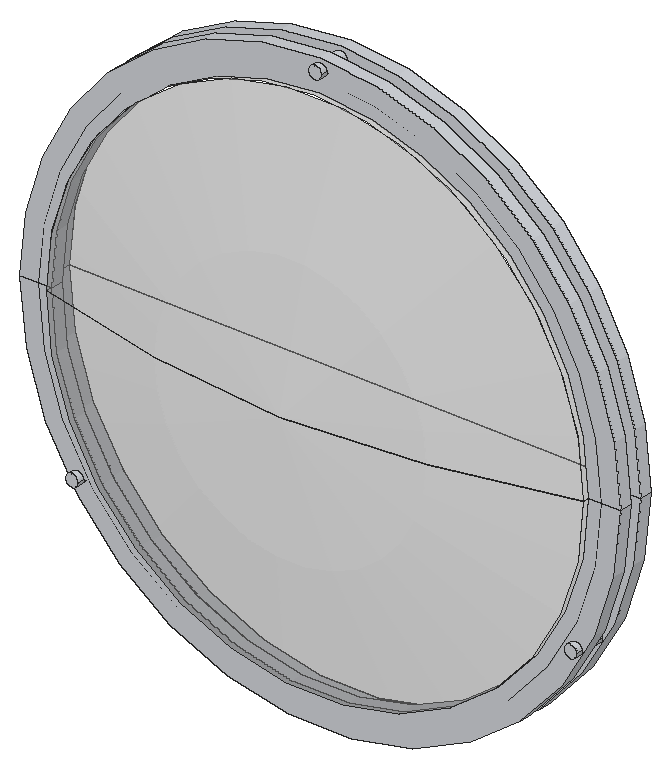
Revit family "2062-24", category Lighting Fixtures, Revit 2016
Family settings
  Part Type = Normal
  Round Connector Dimension = Use Diameter
  OmniClass Number = 23.80.70.00
  OmniClass Title = Lighting
  Work Plane-Based = No
  Always vertical = Yes
  Cut with Voids When Loaded = No
  Light Source = Yes
  Shared = No
  Room Calculation Point = No
Parameters
  Wattage = 12.1178 W
  built-in parameter 1150110 = 1 (stored number, unit not read)
  built-in parameter 1114217 = 1 (stored number, unit not read)
  built-in parameter 1150109 = 1 (stored number, unit not read)
  built-in parameter 1150134 = (empty or 0)
  built-in parameter 1150113 = 1 (stored number, unit not read)
  Lumens = 1800 lm
  built-in parameter 1150115 = 1 (stored number, unit not read)
  built-in parameter 1150105 = 143.24 (stored number, unit not read)
  Light Source Symbol Size = 2' - 0"
  built-in parameter 1150137 = (empty or 0)
  built-in parameter 1150139 = (empty or 0)
  built-in parameter 1150112 = 1 (stored number, unit not read)
  built-in parameter 1150114 = 1 (stored number, unit not read)
  built-in parameter 1150132 = 2
  built-in parameter 1150102 = (empty or 0)
  built-in parameter 1150138 = (empty or 0)
  built-in parameter 1150107 = 3000 (stored number, unit not read)
  built-in parameter 1150106 = 1.4324 (stored number, unit not read)
  built-in parameter 1150104 = 13.8 (stored number, unit not read)
  Dimming Lamp Color Temperature Shift = (empty or 0)
  Color Filter = 16777215
  built-in parameter 1114218 = 1 (stored number, unit not read)
  built-in parameter 1150133 = 10 (stored number, unit not read)
Reference planes (in)
  plane 1 "Light Source Axis (F/B)": y = 0
  plane 2: z = 0
  plane 3 "Light Source Axis (L/R)": x = 0
  plane 4 "Light Source Elevation": z = 0.12126
Forms (in)
  Revolve 1, solid, material "Acrylic-Brownlee"
    sketch origin (0, 0, 0) x (1, 0, 0) y (0, 1, 0)
      loop
        line (0, 0) -> (0, -3.50002)
        arc (0, -3.50002) -> (5.43397, -2.98727) -> (10.75, -1.75) r 40.58476
        line (10.75, -1.75) -> (10.75, -1.5) -> (11.25, -1.5) -> (11.25, 0) -> (0, 0)
      axis (0, 0) -> (0, -3.50002)
    angle from 0 to 360
  Revolve 2, solid
    sketch origin (0, 0, 0) x (1, 0, 0) y (0, 1, 0)
      loop
        line (11.25, 0) -> (11.25, -0.5) -> (12, -0.5) -> (12, 0) -> (11.25, 0)
      loop
        line (10.75, -1.5) -> (12, -1.5) -> (12, -1) -> (10.75, -1) -> (10.75, -1.5)
      axis (0, 0) -> (0, -1.5)
    angle from 0 to 360
  Extrusion 3, solid
    sketch origin (0, 0, 0) x (1, 0, 0) y (0, 0, 1)
      loop
        circle (-0.00201, 11.59973) r 0.25
      loop
        circle (-9.72416, -6.42547) r 0.25
      loop
        circle (10.20901, -5.54949) r 0.25
    from 0 to 1.75
Dimensions and locks (in)
  aligned and locked: plane 4 "Light Source Elevation" to imposter light
  aligned and locked: level to plane 2
